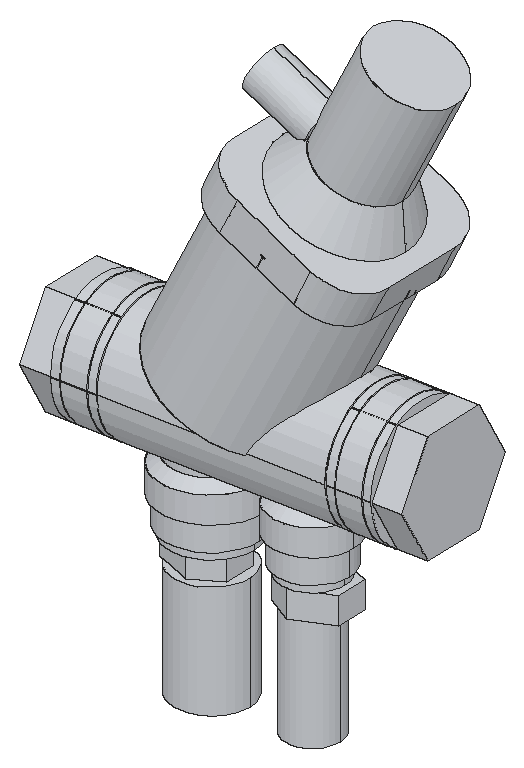
Revit family "PV_Compact_DN025_ 5-30_FF_měř_RFA_2018", category Pipe Accessories, Revit 2018
Family settings
  Round Connector Dimension = Use Diameter
  Part Type = Valve - Breaks Into
  Work Plane-Based = No
  Always vertical = Yes
  Cut with Voids When Loaded = No
  Shared = No
Parameters (values of type "PV Compact DN25 FF s měřením (  5-30kPa)")
  magiProductId = "df9f1d59aa4a4bbbaec25e168ba07d"
  magiProductFamilyId = "17221e4467384e4990f0bd3f9c07cb"
  magiPartTypeId = 304
  isMeasuringValve [instance] = no
  ang2D [instance] = 0.00°
  Z7 = 15 mm
  Z6 = 25.5 mm
  Z5 = 59.5 mm
  Z4 = 51 mm
  Z3 = 8.5 mm
  Z2 = 42.5 mm
  XR3 = 30 mm
  XR2 = 25 mm
  XR1 = 13 mm
  W2D = 15 mm
  VersionID = "2.0/2018.12.13.2/FRESE_PV_COMPACT_PLUG_Q13_001"
  Use Minimum Symbol Size [instance] = no
  URL = "www.hydronix.cz"
  Type Comments = "závitový s vnitřním závitem; dvěma měřicími vsuvkami; PN25; dpmax=450kPa; -10~+120°C;"
  R5 = 5 mm
  R4 = 15 mm
  R3 = 10 mm
  R2 = 14 mm
  R1 = 19 mm
  QmdConnectorList = "301;D;302;D"
  Productdata [instance] = ""
  PH__ve = -PH  # -20.8 mm
  PH = 20.8 mm
  NL__ve = -NL  # -16.6 mm
  NL = 16.6 mm
  Manufacturer = "Hydronix"
  MC Use Limits From Balancing Method = no
  MC Throttling Minimum Value = 0
  MC Throttling Maximum Value = 0
  MC Product Code = "53-3208 DN25; FF; nastavitelný rozsah dp=5~30kPa; Q=600~2100l/h;  kvs=4,0"
  MC Pressure Drop Minimum Value = 0.0 Pa
  MC Pressure Drop Maximum Value = 0.0 Pa
  MC Piping Given Pressure Drop [instance] = 0.0 Pa
  M5 = 34.9 mm
  M4 = 32.9 mm
  M3 = 26.9 mm
  M2 = 24.9 mm
  LP = 41.5 mm
  LM = 49.8 mm
  LL__ve = -LL  # -5.9 mm
  LLT__ve = -LLT  # -16.3 mm
  LLT = 16.3 mm
  LL2 = 34 mm
  LL = 5.9 mm
  L3 = 11 mm
  L2D_Min = 30.48 mm
  L2D = 65 mm
  Description = "Nastavitelný regulátor tlakové diference"
  DR1 = no
  DR0 = yes
  DL2 = 66 mm
  D = 25 mm
  CenSd_R2_6 = R2 * cos(30.00°)  # 12.124 mm
  CAT0 = yes
  C0D1 = no
  C0D0 = yes
Types (10, lengths in mm): name | magiProductId | Z6 | Z5 | Z4 | Z3 | Z2 | XR3 | XR2 | XR1 | R2 | R1 | PH__ve | PH | NL__ve | NL | MC Product Code | M5 | M4 | M3 | M2 | LP | LM | LL__ve | LLT__ve | LLT | LL2 | LL | L3 | D | CenSd_R2_6
  PV Compact DN15 FF s měřením ( 20-60kPa) | "92c6061b2d364c498536f200ceae3f" | 24.6 | 57.4 | 49.2 | 8.2 | 41 | 30 | 25 | 13 | 14 | 19 | -22.4 | 22.4 | -15 | 15 | "53-3205 DN15; FF; nastavitelný rozsah dp=20~60kPa; Q=100~1000l/h;  kvs=2,9" | 32.5 | 30.5 | 24.5 | 22.5 | 37.5 | 45 | -5.7 | -14.9 | 14.9 | 32 | 5.7 | 11 | 15 | 12.124
  PV Compact DN15 FF s měřením (  5-30kPa) | "f361d342a5c3496a8b127ae77303d4" | 24.6 | 57.4 | 49.2 | 8.2 | 41 | 30 | 25 | 13 | 14 | 19 | -22.4 | 22.4 | -15 | 15 | "53-3204 DN15; FF; nastavitelný rozsah dp=5~30kPa; Q=50~600l/h;  kvs=2,9" | 32.5 | 30.5 | 24.5 | 22.5 | 37.5 | 45 | -5.7 | -14.9 | 14.9 | 32 | 5.7 | 11 | 15 | 12.124
  PV Compact DN20 FF s měřením ( 20-60kPa) | "9f7cac6a20a942348ba3edadb25c10" | 24.6 | 57.4 | 49.2 | 8.2 | 41 | 30 | 25 | 13 | 14 | 19 | -22.4 | 22.4 | -15.8 | 15.8 | "53-3207 DN20; FF; nastavitelný rozsah dp=20~60kPa; Q=150~2000l/h;  kvs=3,5" | 33.7 | 31.7 | 25.7 | 23.7 | 39.5 | 47.4 | -5.7 | -14.9 | 14.9 | 32 | 5.7 | 11 | 20 | 12.124
  PV Compact DN20 FF s měřením (  5-30kPa) | "db23a1b537c14a0d8d3ef5b88ba9f3" | 24.6 | 57.4 | 49.2 | 8.2 | 41 | 30 | 25 | 13 | 14 | 19 | -22.4 | 22.4 | -15.8 | 15.8 | "53-3206 DN20; FF; nastavitelný rozsah dp=5~30kPa; Q=100~1000l/h;  kvs=3,5" | 33.7 | 31.7 | 25.7 | 23.7 | 39.5 | 47.4 | -5.7 | -14.9 | 14.9 | 32 | 5.7 | 11 | 20 | 12.124
  PV Compact DN25 FF s měřením (  5-30kPa) | "df9f1d59aa4a4bbbaec25e168ba07d" | 25.5 | 59.5 | 51 | 8.5 | 42.5 | 30 | 25 | 13 | 14 | 19 | -20.8 | 20.8 | -16.6 | 16.6 | "53-3208 DN25; FF; nastavitelný rozsah dp=5~30kPa; Q=600~2100l/h;  kvs=4,0" | 34.9 | 32.9 | 26.9 | 24.9 | 41.5 | 49.8 | -5.9 | -16.3 | 16.3 | 34 | 5.9 | 11 | 25 | 12.124
  PV Compact DN25L FF s měřením ( 20-80kPa) | "87b7cca8bace4074a54840dfb5d8dc" | 40.2 | 93.8 | 80.4 | 13.4 | 67 | 42.5 | 37.5 | 25.5 | 26.5 | 31.5 | -17.6 | 17.6 | -20 | 20 | "53-3211 DN25L; FF; nastavitelný rozsah dp=20~80kPa; Q=750~4200l/h;  kvs=8,7" | 40 | 38 | 32 | 30 | 50 | 60 | -6.3 | -19.1 | 19.1 | 38 | 6.3 | 11 | 25 | 22.95
  PV Compact DN25L FF s měřením (  5-30kPa) | "5f34f6c18cbb44599cc4b76a533b7b" | 40.2 | 93.8 | 80.4 | 13.4 | 67 | 42.5 | 37.5 | 25.5 | 26.5 | 31.5 | -17.6 | 17.6 | -20 | 20 | "53-3210 DN25L; FF; nastavitelný rozsah dp=5~30kPa; Q=600~2500l/h;  kvs=8,7" | 40 | 38 | 32 | 30 | 50 | 60 | -6.3 | -19.1 | 19.1 | 38 | 6.3 | 11 | 25 | 22.95
  PV Compact DN32 FF s měřením ( 20-80kPa) | "4a8a1c2c3ced401aa76adec660b182" | 40.2 | 93.8 | 80.4 | 13.4 | 67 | 42.5 | 37.5 | 25.5 | 26.5 | 31.5 | -13.6 | 13.6 | -20.8 | 20.8 | "53-3214 DN32; FF; nastavitelný rozsah dp=20~80kPa; Q=1000~5000l/h;  kvs=10,1" | 41.2 | 39.2 | 33.2 | 31.2 | 52 | 62.4 | -6.8 | -22.6 | 22.6 | 43 | 6.8 | 25 | 32 | 22.95
  PV Compact DN40 FF s měřením ( 20-80kPa) | "8dd334465d8f48dd802c3dab6bec5b" | 46.8 | 109.2 | 93.6 | 15.6 | 78 | 42.5 | 37.5 | 25.5 | 26.5 | 31.5 | -11.2 | 11.2 | -27.6 | 27.6 | "53-3216 DN40; FF; nastavitelný rozsah dp=20~80kPa; Q=3000~8000l/h;  kvs=15,8" | 51.4 | 49.4 | 43.4 | 41.4 | 69 | 82.8 | -7.1 | -24.7 | 24.7 | 46 | 7.1 | 25 | 40 | 22.95
  PV Compact DN50 FF s měřením ( 20-80kPa) | "de24153ded7e41748f92358b184bd6" | 46.8 | 109.2 | 93.6 | 15.6 | 78 | 42.5 | 37.5 | 25.5 | 35.25 | 31.5 | -6.4 | 6.4 | -27.6 | 27.6 | "53-3218 DN50; FF; nastavitelný rozsah dp=20~80kPa; Q=5000~11500l/h;  kvs=16,2" | 51.4 | 49.4 | 43.4 | 41.4 | 69 | 82.8 | -7.7 | -28.9 | 28.9 | 52 | 7.7 | 25 | 50 | 30.527
Reference planes
  plane 1 "Center (Front/Back)": y = 0
  plane 2 "XYPLANE": z = 0
  plane 3 "Center (Left/Right)": x = 0
  plane 4 "408": x = 41.5
  plane 5 "407": x = -41.5
  plane 6 "402": z = -66
  plane 7 "213": x = 11
  plane 8 "168": z = -12.3
  plane 9 "167": z = -14.3
  plane 10 "166": z = -20.2
  plane 11 "165": z = -26.1
  plane 12 "164": z = -28.1
  plane 13 "154": z = 0
  plane 14 "152": y = 0
  plane 15 "151": z = -34
  plane 16 "150": x = -11
  plane 17 "75": through (318.218, 0, 679.605) normal (0.891, 0, -0.454)
  plane 18 "74": x = 34.9
  plane 19 "73": x = 32.9
  plane 20 "72": x = 26.9
  plane 21 "71": x = 24.9
  plane 22 "70": x = -34.9
  plane 23 "69": x = -32.9
  plane 24 "68": x = -26.9
  plane 25 "67": y = 0
  plane 26 "66": through (-666.893, 0, 343.166) normal (0.454, 0, 0.891)
  plane 27 "65": x = -24.9
  plane 28 "64": through (335.147, 0, 670.979) normal (0.891, 0, -0.454)
  plane 29 "63": through (-648.96, 0, 378.361) normal (0.454, 0, 0.891)
  plane 30 "62": through (352.076, 0, 662.353) normal (0.891, 0, -0.454)
  plane 31 "61": y = 19
  plane 32 "60": y = -19
  plane 33 "59": through (-645.101, 0, 385.934) normal (0.454, 0, 0.891)
  plane 34 "58": through (-641.242, 0, 393.508) normal (0.454, 0, 0.891)
  plane 35 "57": through (313.763, 0, 681.875) normal (0.891, 0, -0.454)
  plane 36 "56": x = 0
  plane 37 "55": through (-668.255, 0, 340.493) normal (0.454, 0, 0.891)
  plane 38 "102XY": through (-668.255, 0, 340.493) normal (0.454, 0, 0.891)
  plane 39 "102XZ": y = 0
  plane 40 "102YZ": through (340.493, 0, 668.255) normal (0.891, 0, -0.454)
Forms (mm)
  Extrusion 1, solid
    sketch origin (41.5, -750, 0) x (0, 1, 0) y (0, 0, 1)
      loop
        line (764, 0) -> (757, 12.124) -> (743, 12.124) -> (736, 0) -> (743, -12.124) -> (757, -12.124) -> (764, 0)
    from 0 to -16.6 <- "NL__ve"
  Extrusion 2, solid
    sketch origin (-41.5, -750, 0) x (0, 1, 0) y (0, 0, 1)
      loop
        line (736, 0) -> (743, -12.124) -> (757, -12.124) -> (764, 0) -> (757, 12.124) -> (743, 12.124) -> (736, 0)
    from 0 to 16.6 <- "NL"
  Extrusion 3, solid, visible <- "C0D1"
    sketch origin (-750, 0, -66) x (1, 0, 0) y (0, 1, 0)
      loop
        circle (761, 0) r 10
    from 0 to 50
  Extrusion 4, solid, visible <- "DR1"
    sketch origin (-750, 0, -20.2) x (1, 0, 0) y (0, 1, 0)
      loop
        line (761, -12) -> (773.792, -6) -> (773.792, 6) -> (761, 12) -> (750.608, 6) -> (750.608, -6) -> (761, -12)
    from 0 to -20.8 <- "PH__ve"
  Extrusion 5, solid, visible <- "DR1"
    sketch origin (-750, 0, -20.2) x (1, 0, 0) y (0, 1, 0)
      loop
        circle (761, 0) r 10
    from 0 to 5.9 <- "LL"
  Blend 6, solid, visible <- "DR1"
    base sketch origin (-750, 0, -12.3) x (1, 0, 0) y (0, 1, 0)
      loop
        circle (761, 0) r 7.5
    top sketch origin (-750, 0, -12.3) x (1, 0, 0) y (0, 1, 0)
      loop
        circle (761, 0) r 10
    from 0 to -2
  Extrusion 7, solid, visible <- "DR1"
    sketch origin (-750, 0, 0) x (1, 0, 0) y (0, 1, 0)
      loop
        circle (761, 0) r 7.5
    from 0 to -16.3 <- "LLT__ve"
  Extrusion 8, solid, visible <- "C0D0"
    sketch origin (-750, 0, -34) x (1, 0, 0) y (0, 1, 0)
      loop
        circle (761, 0) r 6
    from 0 to -25
  Extrusion 9, solid, visible <- "DR0"
    sketch origin (-750, 0, -28.1) x (1, 0, 0) y (0, 1, 0)
      loop
        line (761, -7) -> (769.462, -3.5) -> (769.462, 3.5) -> (761, 7) -> (754.938, 3.5) -> (754.938, -3.5) -> (761, -7)
    from 0 to -5.9 <- "LL__ve"
  Extrusion 10, solid, visible <- "DR0"
    sketch origin (-750, 0, -28.1) x (1, 0, 0) y (0, 1, 0)
      loop
        circle (761, 0) r 7
    from 0 to 2
  Extrusion 11, solid, visible <- "DR0"
    sketch origin (-750, 0, -20.2) x (1, 0, 0) y (0, 1, 0)
      loop
        circle (761, 0) r 9
    from 0 to 5.9 <- "LL"
  Blend 12, solid, visible <- "DR0"
    base sketch origin (-750, 0, -12.3) x (1, 0, 0) y (0, 1, 0)
      loop
        circle (761, 0) r 6.5
    top sketch origin (-750, 0, -12.3) x (1, 0, 0) y (0, 1, 0)
      loop
        circle (761, 0) r 9
    from 0 to -2
  Extrusion 13, solid, visible <- "DR0"
    sketch origin (-750, 0, 0) x (1, 0, 0) y (0, 1, 0)
      loop
        circle (761, 0) r 6.5
    from 0 to -16.3 <- "LLT__ve"
  Extrusion 14, solid, visible <- "DR0"
    sketch origin (-750, 0, 0) x (1, 0, 0) y (0, 1, 0)
      loop
        circle (761, 0) r 6.5
    from 0 to -16.3 <- "LLT__ve"
  Blend 15, solid, visible <- "DR0"
    base sketch origin (-750, 0, -12.3) x (1, 0, 0) y (0, 1, 0)
      loop
        circle (761, 0) r 6.5
    top sketch origin (-750, 0, -12.3) x (1, 0, 0) y (0, 1, 0)
      loop
        circle (761, 0) r 9
    from 0 to -2
  Extrusion 16, solid, visible <- "DR0"
    sketch origin (-750, 0, -20.2) x (1, 0, 0) y (0, 1, 0)
      loop
        circle (761, 0) r 9
    from 0 to 5.9 <- "LL"
  Extrusion 17, solid, visible <- "DR0"
    sketch origin (-750, 0, -26.1) x (1, 0, 0) y (0, 1, 0)
      loop
        circle (761, 0) r 8
    from 0 to 5.9 <- "LL"
  Extrusion 18, solid, visible <- "DR0"
    sketch origin (-750, 0, -28.1) x (1, 0, 0) y (0, 1, 0)
      loop
        circle (761, 0) r 7
    from 0 to 2
  Extrusion 19, solid, visible <- "DR0"
    sketch origin (-750, 0, -28.1) x (1, 0, 0) y (0, 1, 0)
      loop
        line (761, -7) -> (769.462, -3.5) -> (769.462, 3.5) -> (761, 7) -> (754.938, 3.5) -> (754.938, -3.5) -> (761, -7)
    from 0 to -5.9 <- "LL__ve"
  Extrusion 20, solid, visible <- "C0D0"
    sketch origin (-750, 0, -34) x (1, 0, 0) y (0, 1, 0)
      loop
        circle (761, 0) r 6
    from 0 to -25
  Extrusion 21, solid, visible <- "CAT0"
    sketch origin (-750, 0, -34) x (1, 0, 0) y (0, 1, 0)
      loop
        circle (739, 0) r 8.4
    from 0 to -25
  Extrusion 22, solid
    sketch origin (-750, 0, -28.1) x (1, 0, 0) y (0, 1, 0)
      loop
        line (739, -7) -> (745.062, -3.5) -> (745.062, 3.5) -> (739, 7) -> (730.538, 3.5) -> (730.538, -3.5) -> (739, -7)
    from 0 to -5.9 <- "LL__ve"
  Extrusion 23, solid
    sketch origin (-750, 0, -28.1) x (1, 0, 0) y (0, 1, 0)
      loop
        circle (739, 0) r 9.4
    from 0 to 2
  Extrusion 24, solid
    sketch origin (-750, 0, -26.1) x (1, 0, 0) y (0, 1, 0)
      loop
        circle (739, 0) r 10.4
    from 0 to 5.9 <- "LL"
  Extrusion 25, solid
    sketch origin (-750, 0, -20.2) x (1, 0, 0) y (0, 1, 0)
      loop
        circle (739, 0) r 11.4
    from 0 to 5.9 <- "LL"
  Blend 26, solid
    base sketch origin (-750, 0, -12.3) x (1, 0, 0) y (0, 1, 0)
      loop
        circle (739, 0) r 8.9
    top sketch origin (-750, 0, -12.3) x (1, 0, 0) y (0, 1, 0)
      loop
        circle (739, 0) r 11.4
    from 0 to -2
  Extrusion 27, solid
    sketch origin (-750, 0, 0) x (1, 0, 0) y (0, 1, 0)
      loop
        circle (739, 0) r 8.9
    from 0 to -16.3 <- "LLT__ve"
  Blend 28, solid, visible <- "CAT0"
    base sketch origin (32.9, -750, 0) x (0, 1, 0) y (0, 0, 1)
      loop
        circle (750, 0) r 14
    top sketch origin (32.9, -750, 0) x (0, 1, 0) y (0, 0, 1)
      loop
        circle (750, 0) r 14
    from 0 to 2
  Extrusion 29, solid, visible <- "CAT0"
    sketch origin (26.9, -750, 0) x (0, 1, 0) y (0, 0, 1)
      loop
        circle (750, 0) r 14
    from 0 to 6
  Blend 30, solid, visible <- "CAT0"
    base sketch origin (24.9, -750, 0) x (0, 1, 0) y (0, 0, 1)
      loop
        circle (750, 0) r 14
    top sketch origin (24.9, -750, 0) x (0, 1, 0) y (0, 0, 1)
      loop
        circle (750, 0) r 14
    from 0 to 2
  Blend 31, solid, visible <- "CAT0"
    base sketch origin (-32.9, -750, 0) x (0, 1, 0) y (0, 0, 1)
      loop
        circle (750, 0) r 14
    top sketch origin (-32.9, -750, 0) x (0, 1, 0) y (0, 0, 1)
      loop
        circle (750, 0) r 14
    from 0 to -2
  Extrusion 32, solid, visible <- "CAT0"
    sketch origin (-32.9, -750, 0) x (0, 1, 0) y (0, 0, 1)
      loop
        circle (750, 0) r 14
    from 0 to 6
  Blend 33, solid, visible <- "CAT0"
    base sketch origin (-26.9, -750, 0) x (0, 1, 0) y (0, 0, 1)
      loop
        circle (750, 0) r 14
    top sketch origin (-26.9, -750, 0) x (0, 1, 0) y (0, 0, 1)
      loop
        circle (750, 0) r 14
    from 0 to 2
  Extrusion 34, solid, visible <- "CAT0"
    sketch origin (-24.9, -750, 0) x (0, 1, 0) y (0, 0, 1)
      loop
        circle (750, 0) r 14
    from 0 to 49.8 <- "LM"
  Extrusion 35, solid, visible <- "CAT0"
    sketch origin (-666.893, 0, 343.166) x (0.891007, 0, -0.45399) y (0, 1, 0)
      loop
        circle (744, 0) r 19
    from 0 to 42.5 <- "Z2"
  Extrusion 36, solid, visible <- "CAT0"
    sketch origin (-648.96, 0, 378.361) x (0.891007, 0, -0.45399) y (0, 1, 0)
      loop
        arc (735, 19) -> (727.929, 16.071) -> (725, 9) r 10
        line (725, 9) -> (725, -9)
        arc (725, -9) -> (727.929, -16.071) -> (735, -19) r 10
        line (735, -19) -> (753, -19)
        arc (753, -19) -> (760.071, -16.071) -> (763, -9) r 10
        line (763, -9) -> (763, 9)
        arc (763, 9) -> (760.071, 16.071) -> (753, 19) r 10
        line (753, 19) -> (735, 19)
    from 0 to 8.5 <- "Z3"
  Blend 37, solid, visible <- "CAT0"
    base sketch origin (-645.101, 0, 385.934) x (0.891007, 0, -0.45399) y (0, 1, 0)
      loop
        circle (744, 0) r 15
    top sketch origin (-645.101, 0, 385.934) x (0.891007, 0, -0.45399) y (0, 1, 0)
      loop
        circle (744, 0) r 10
    from 0 to 8.5
  Extrusion 38, solid, visible <- "CAT0"
    sketch origin (-641.242, 0, 393.508) x (0.891007, 0, -0.45399) y (0, 1, 0)
      loop
        circle (744, 0) r 10
    from 0 to 25.5 <- "Z6"
  Extrusion 39, solid, visible <- "CAT0"
    sketch origin (313.763, 0, 681.875) x (-0.45399, 0, -0.891007) y (0, 1, 0)
      loop
        circle (690.5, 0) r 5
    from 0 to 15 <- "Z7"
  Blend 40, solid, visible <- "CAT0"
    base sketch origin (-668.255, 0, 340.493) x (0.891007, 0, -0.45399) y (0, 1, 0)
      loop
        circle (744, 0) r 15
    top sketch origin (-668.255, 0, 340.493) x (0.891007, 0, -0.45399) y (0, 1, 0)
      loop
        circle (744, 0) r 19
    from 0 to 3
  Extrusion 41, solid, not visible
    sketch origin (-34.9, -750, 0) x (0, 1, 0) y (0, 0, 1)
      loop
        circle (750, 0) r 10
    from 0 to 10
  Extrusion 42, solid, not visible
    sketch origin (34.9, -750, 0) x (0, 1, 0) y (0, 0, 1)
      loop
        circle (750, 0) r 10
    from 0 to -10
Lines and regions (mm)
  reference lines, not visible
    curve 1: circle (2, 2, 0) r 1 normal (0, 0, 1)
  reference lines
    curve 2: line (41.5, 0, 0) -> (41.5, -3.5, 6.062)
    curve 3: line (41.5, 0, 0) -> (41.5, -7, 0)
    curve 4: line (41.5, 0, 0) -> (41.5, -3.5, -6.062)
    curve 5: line (-41.5, 0, 0) -> (-41.5, 3.5, 6.062)
    curve 6: line (-41.5, 0, 0) -> (-41.5, 7, 0)
    curve 7: line (-41.5, 0, 0) -> (-41.5, 3.5, -6.062)
Dimensions and locks
  plane 1 "Center (Front/Back)" to curve 1 = 2 mm
  "LP": plane 36 "56" to plane 4 "408"
  "LP": plane 36 "56" to plane 5 "407"
  "DL2": plane 2 "XYPLANE" to plane 6 "402"
  "L3": plane 3 "Center (Left/Right)" to plane 7 "213"
  locked: plane 9 "167" to plane 8 "168" at 2
  "LL": plane 10 "166" to plane 9 "167"
  "LL": plane 11 "165" to plane 10 "166"
  locked: plane 12 "164" to plane 11 "165" at 2
  "LL": plane 15 "151" to plane 12 "164"
  locked: plane 2 "XYPLANE" to plane 13 "154"
  locked: plane 1 "Center (Front/Back)" to plane 14 "152"
  "LL2": plane 2 "XYPLANE" to plane 15 "151"
  "L3": plane 3 "Center (Left/Right)" to plane 16 "150"
  "XR2": plane 40 "102YZ" to plane 17 "75"
  "M5": plane 3 "Center (Left/Right)" to plane 18 "74"
  "M4": plane 3 "Center (Left/Right)" to plane 19 "73"
  "M3": plane 3 "Center (Left/Right)" to plane 20 "72"
  "M2": plane 3 "Center (Left/Right)" to plane 21 "71"
  "M5": plane 3 "Center (Left/Right)" to plane 22 "70"
  "M4": plane 3 "Center (Left/Right)" to plane 23 "69"
  "M3": plane 3 "Center (Left/Right)" to plane 24 "68"
  locked: plane 14 "152" to plane 25 "67"
  locked: plane 38 "102XY" to plane 26 "66" at 3
  "M2": plane 3 "Center (Left/Right)" to plane 27 "65"
  locked: plane 40 "102YZ" to plane 28 "64" at 6
  "Z2": plane 38 "102XY" to plane 29 "63"
  "XR1": plane 40 "102YZ" to plane 30 "62"
  "R1": plane 14 "152" to plane 31 "61"
  "R1": plane 14 "152" to plane 32 "60"
  "Z4": plane 38 "102XY" to plane 33 "59"
  "Z5": plane 38 "102XY" to plane 34 "58"
  "XR3": plane 40 "102YZ" to plane 35 "57"
  locked: plane 3 "Center (Left/Right)" to plane 36 "56"
  locked: plane 38 "102XY" to plane 37 "55"
  "CenSd_R2_6": curve 2 to Extrusion 1 sketch curve  (x2)
  "CenSd_R2_6": curve 3 to Extrusion 1 sketch curve  (x2)
  "CenSd_R2_6": curve 4 to Extrusion 1 sketch curve  (x2)
  Extrusion 1 sketch curve to Extrusion 1 sketch curve = 0 mm  (x12)
  "CenSd_R2_6": curve 5 to Extrusion 2 sketch curve  (x2)
  "CenSd_R2_6": curve 6 to Extrusion 2 sketch curve  (x2)
  "CenSd_R2_6": curve 7 to Extrusion 2 sketch curve  (x2)
  Extrusion 2 sketch curve to Extrusion 2 sketch curve = 0 mm  (x12)
  Extrusion 4 sketch curve to Extrusion 4 sketch curve = 0 mm  (x12)
  Extrusion 9 sketch curve to Extrusion 9 sketch curve = 0 mm  (x12)
  Extrusion 19 sketch curve to Extrusion 19 sketch curve = 0 mm  (x12)
  Extrusion 22 sketch curve to Extrusion 22 sketch curve = 0 mm  (x12)
  Extrusion 36 sketch curve to Extrusion 36 sketch curve = 0 mm  (x16)
  "R2": radius of Blend 28 sketch curve  (x2)
  "R2": radius of Extrusion 29 sketch curve
  "R2": radius of Blend 30 sketch curve  (x2)
  "R2": radius of Blend 31 sketch curve  (x2)
  "R2": radius of Extrusion 32 sketch curve
  "R2": radius of Blend 33 sketch curve  (x2)
  "R2": radius of Extrusion 34 sketch curve
  "R1": radius of Extrusion 35 sketch curve
  radius of Extrusion 36 sketch curve = 10 mm  (x4)
  "R3": radius of Blend 37 sketch curve
  "R4": radius of Blend 37 sketch curve
  "R3": radius of Extrusion 38 sketch curve
  "R5": radius of Extrusion 39 sketch curve
  "R1": radius of Blend 40 sketch curve
  locked: curve 3 to curve 2 (angle 60.00°)
  locked: curve 4 to curve 3 (angle 60.00°)
  locked: curve 4 to curve 2 (angle 120.00°)
  locked: curve 6 to curve 5 (angle 60.00°)
  locked: curve 7 to curve 6 (angle 60.00°)
  locked: curve 7 to curve 5 (angle 120.00°)
  aligned and locked: level to plane 2 "XYPLANE"
  aligned and locked: plane 13 "154" to curve 4
  aligned and locked: curve 4 to plane 14 "152"
  aligned and locked: plane 13 "154" to curve 7
  aligned and locked: curve 7 to plane 14 "152"
  aligned and locked: plane 7 "213" to Extrusion 3 sketch curve
  aligned and locked: plane 14 "152" to Extrusion 3 sketch curve
  aligned and locked: plane 7 "213" to Extrusion 5 sketch curve
  aligned and locked: plane 14 "152" to Extrusion 5 sketch curve
  aligned and locked: plane 7 "213" to Blend 6 sketch curve  (x2)
  aligned and locked: plane 14 "152" to Blend 6 sketch curve  (x2)
  aligned and locked: Blend 6 to plane 9 "167"
  aligned and locked: plane 7 "213" to Extrusion 7 sketch curve
  aligned and locked: plane 14 "152" to Extrusion 7 sketch curve
  aligned and locked: plane 7 "213" to Extrusion 8 sketch curve
  aligned and locked: plane 14 "152" to Extrusion 8 sketch curve
  aligned and locked: plane 7 "213" to Extrusion 10 sketch curve
  aligned and locked: plane 14 "152" to Extrusion 10 sketch curve
  aligned and locked: plane 7 "213" to Extrusion 11 sketch curve
  aligned and locked: plane 14 "152" to Extrusion 11 sketch curve
  aligned and locked: plane 7 "213" to Blend 12 sketch curve  (x2)
  aligned and locked: plane 14 "152" to Blend 12 sketch curve  (x2)
  aligned and locked: Blend 12 to plane 9 "167"
  aligned and locked: plane 7 "213" to Extrusion 13 sketch curve
  aligned and locked: plane 14 "152" to Extrusion 13 sketch curve
  aligned and locked: plane 7 "213" to Extrusion 14 sketch curve
  aligned and locked: plane 14 "152" to Extrusion 14 sketch curve
  aligned and locked: plane 7 "213" to Blend 15 sketch curve  (x2)
  aligned and locked: plane 14 "152" to Blend 15 sketch curve  (x2)
  aligned and locked: Blend 15 to plane 9 "167"
  aligned and locked: plane 7 "213" to Extrusion 16 sketch curve
  aligned and locked: plane 14 "152" to Extrusion 16 sketch curve
  aligned and locked: plane 7 "213" to Extrusion 17 sketch curve
  aligned and locked: plane 14 "152" to Extrusion 17 sketch curve
  aligned and locked: plane 7 "213" to Extrusion 18 sketch curve
  aligned and locked: plane 14 "152" to Extrusion 18 sketch curve
  aligned and locked: plane 7 "213" to Extrusion 20 sketch curve
  aligned and locked: plane 14 "152" to Extrusion 20 sketch curve
  aligned and locked: plane 14 "152" to Extrusion 21 sketch curve
  aligned and locked: plane 16 "150" to Extrusion 21 sketch curve
  aligned and locked: plane 14 "152" to Extrusion 23 sketch curve
  aligned and locked: plane 16 "150" to Extrusion 23 sketch curve
  aligned and locked: plane 14 "152" to Extrusion 24 sketch curve
  aligned and locked: plane 16 "150" to Extrusion 24 sketch curve
  aligned and locked: plane 14 "152" to Extrusion 25 sketch curve
  aligned and locked: plane 16 "150" to Extrusion 25 sketch curve
  aligned and locked: plane 14 "152" to Blend 26 sketch curve  (x2)
  aligned and locked: plane 16 "150" to Blend 26 sketch curve  (x2)
  aligned and locked: Blend 26 to plane 9 "167"
  aligned and locked: plane 14 "152" to Extrusion 27 sketch curve
  aligned and locked: plane 16 "150" to Extrusion 27 sketch curve
  aligned and locked: plane 13 "154" to Blend 28 sketch curve  (x2)
  aligned and locked: Blend 28 sketch curve to plane 14 "152"  (x2)
  aligned and locked: plane 18 "74" to Blend 28
  aligned and locked: plane 13 "154" to Extrusion 29 sketch curve
  aligned and locked: Extrusion 29 sketch curve to plane 14 "152"
  aligned and locked: plane 13 "154" to Blend 30 sketch curve  (x2)
  aligned and locked: Blend 30 sketch curve to plane 14 "152"  (x2)
  aligned and locked: plane 20 "72" to Blend 30
  aligned and locked: plane 13 "154" to Blend 31 sketch curve  (x2)
  aligned and locked: Blend 31 sketch curve to plane 14 "152"  (x2)
  aligned and locked: Blend 31 to plane 22 "70"
  aligned and locked: plane 13 "154" to Extrusion 32 sketch curve
  aligned and locked: Extrusion 32 sketch curve to plane 14 "152"
  aligned and locked: plane 13 "154" to Blend 33 sketch curve  (x2)
  aligned and locked: Blend 33 sketch curve to plane 14 "152"  (x2)
  aligned and locked: plane 27 "65" to Blend 33
  aligned and locked: plane 13 "154" to Extrusion 34 sketch curve
  aligned and locked: Extrusion 34 sketch curve to plane 14 "152"
  aligned and locked: plane 25 "67" to Extrusion 35 sketch curve
  aligned and locked: Extrusion 35 sketch curve to plane 28 "64"
  aligned and locked: Extrusion 36 sketch curve to plane 17 "75"
  aligned and locked: Extrusion 36 sketch curve to plane 32 "60"
  aligned and locked: Extrusion 36 sketch curve to plane 30 "62"
  aligned and locked: plane 31 "61" to Extrusion 36 sketch curve
  aligned and locked: plane 25 "67" to Blend 37 sketch curve  (x2)
  aligned and locked: Blend 37 sketch curve to plane 28 "64"  (x2)
  aligned and locked: plane 34 "58" to Blend 37
  aligned and locked: plane 25 "67" to Extrusion 38 sketch curve
  aligned and locked: Extrusion 38 sketch curve to plane 28 "64"
  aligned and locked: plane 25 "67" to Extrusion 39 sketch curve
  aligned and locked: plane 34 "58" to Extrusion 39 sketch curve
  aligned and locked: plane 25 "67" to Blend 40 sketch curve  (x2)
  aligned and locked: Blend 40 sketch curve to plane 28 "64"  (x2)
  aligned and locked: plane 26 "66" to Blend 40
  aligned and locked: plane 13 "154" to Extrusion 41 sketch curve
  aligned and locked: Extrusion 41 sketch curve to plane 14 "152"
  aligned and locked: plane 13 "154" to Extrusion 42 sketch curve
  aligned and locked: Extrusion 42 sketch curve to plane 14 "152"
Automatic sketch dimensions
  plane 3 "Center (Left/Right)" to Extrusion 3 sketch curve = 1 mm
  Extrusion 4 sketch curve to plane 7 "213" = 0 mm  (x2)
  plane 3 "Center (Left/Right)" to Extrusion 4 sketch curve = 0.608 mm
  Extrusion 4 sketch curve to plane 21 "71" = 1.108 mm
  plane 32 "60" to Extrusion 4 sketch curve = 7 mm
  plane 1 "Center (Front/Back)" to Extrusion 4 sketch curve = 6 mm  (x2)
  Extrusion 4 sketch curve to plane 1 "Center (Front/Back)" = 6 mm  (x2)
  Extrusion 4 sketch curve to plane 31 "61" = 7 mm
  plane 3 "Center (Left/Right)" to Extrusion 5 sketch curve = 1 mm
  plane 3 "Center (Left/Right)" to Blend 6 sketch curve = 3.5 mm
  plane 3 "Center (Left/Right)" to Blend 6 sketch curve = 1 mm
  plane 3 "Center (Left/Right)" to Extrusion 7 sketch curve = 3.5 mm
  plane 3 "Center (Left/Right)" to Extrusion 8 sketch curve = 5 mm
  Extrusion 9 sketch curve to plane 7 "213" = 0 mm  (x2)
  plane 3 "Center (Left/Right)" to Extrusion 9 sketch curve = 4.938 mm
  Extrusion 9 sketch curve to plane 21 "71" = 5.438 mm
  plane 1 "Center (Front/Back)" to Extrusion 9 sketch curve = 7 mm
  plane 1 "Center (Front/Back)" to Extrusion 9 sketch curve = 3.5 mm  (x2)
  Extrusion 9 sketch curve to plane 1 "Center (Front/Back)" = 3.5 mm  (x2)
  Extrusion 9 sketch curve to Extrusion 9 sketch curve = 3.5 mm
  plane 3 "Center (Left/Right)" to Extrusion 10 sketch curve = 4 mm
  plane 3 "Center (Left/Right)" to Extrusion 11 sketch curve = 2 mm
  plane 3 "Center (Left/Right)" to Blend 12 sketch curve = 4.5 mm
  plane 3 "Center (Left/Right)" to Blend 12 sketch curve = 2 mm
  plane 3 "Center (Left/Right)" to Extrusion 13 sketch curve = 4.5 mm
  plane 3 "Center (Left/Right)" to Extrusion 14 sketch curve = 4.5 mm
  plane 3 "Center (Left/Right)" to Blend 15 sketch curve = 4.5 mm
  plane 3 "Center (Left/Right)" to Blend 15 sketch curve = 2 mm
  plane 3 "Center (Left/Right)" to Extrusion 16 sketch curve = 2 mm
  plane 3 "Center (Left/Right)" to Extrusion 17 sketch curve = 3 mm
  plane 3 "Center (Left/Right)" to Extrusion 18 sketch curve = 4 mm
  Extrusion 19 sketch curve to plane 7 "213" = 0 mm  (x2)
  plane 3 "Center (Left/Right)" to Extrusion 19 sketch curve = 4.938 mm
  Extrusion 19 sketch curve to plane 21 "71" = 5.438 mm
  plane 1 "Center (Front/Back)" to Extrusion 19 sketch curve = 7 mm
  plane 1 "Center (Front/Back)" to Extrusion 19 sketch curve = 3.5 mm  (x2)
  Extrusion 19 sketch curve to plane 1 "Center (Front/Back)" = 3.5 mm  (x2)
  Extrusion 19 sketch curve to Extrusion 19 sketch curve = 3.5 mm
  plane 3 "Center (Left/Right)" to Extrusion 20 sketch curve = 5 mm
  plane 27 "65" to Extrusion 21 sketch curve = 5.5 mm
  Extrusion 22 sketch curve to plane 16 "150" = 0 mm  (x2)
  plane 27 "65" to Extrusion 22 sketch curve = 5.438 mm
  Extrusion 22 sketch curve to plane 3 "Center (Left/Right)" = 4.938 mm
  plane 1 "Center (Front/Back)" to Extrusion 22 sketch curve = 7 mm
  plane 1 "Center (Front/Back)" to Extrusion 22 sketch curve = 3.5 mm  (x2)
  Extrusion 22 sketch curve to plane 1 "Center (Front/Back)" = 3.5 mm  (x2)
  Extrusion 22 sketch curve to Extrusion 22 sketch curve = 3.5 mm
  plane 27 "65" to Extrusion 23 sketch curve = 4.5 mm
  plane 27 "65" to Extrusion 24 sketch curve = 3.5 mm
  plane 27 "65" to Extrusion 25 sketch curve = 2.5 mm
  plane 27 "65" to Blend 26 sketch curve = 5 mm
  plane 27 "65" to Blend 26 sketch curve = 2.5 mm
  plane 27 "65" to Extrusion 27 sketch curve = 5 mm
  plane 17 "75" to Blend 40 sketch curve = 4 mm
  plane 32 "60" to Extrusion 41 sketch curve = 9 mm
  plane 32 "60" to Extrusion 42 sketch curve = 9 mm
  plane 3 "Center (Left/Right)" to curve 1 = 2 mm
  radius of curve 1 = 1 mm
Connectors
  piping at (-34.9, 0, 0), diameter 25, driven by "D"
    settings: on Extrusion 41, index 1, connector inside diameter 609.6 mm, connector length 0 mm, flow factor 0, pipe flow 0.0 L/s, pressure drop 0.0 Pa, fitting loss kfactor 0, connector angle 0.00°, fixture units 0, engagement length 0 mm, angle of deflection 0.00°, flow configuration 0, flow direction 0, fitting loss method 0, system type 29, joint type 0, gender type 0, connector reference index 2, connector utility 0, adjustable connector no, is connector primary yes, connector description ""
  piping at (34.9, 0, 0), diameter 25, driven by "D"
    settings: on Extrusion 42, index 2, connector inside diameter 609.6 mm, connector length 0 mm, flow factor 0, pipe flow 0.0 L/s, pressure drop 0.0 Pa, fitting loss kfactor 0, connector angle 0.00°, fixture units 0, engagement length 0 mm, angle of deflection 0.00°, flow configuration 0, flow direction 0, fitting loss method 0, system type 29, joint type 0, gender type 0, connector reference index 1, connector utility 0, adjustable connector no, is connector primary no, connector description ""
